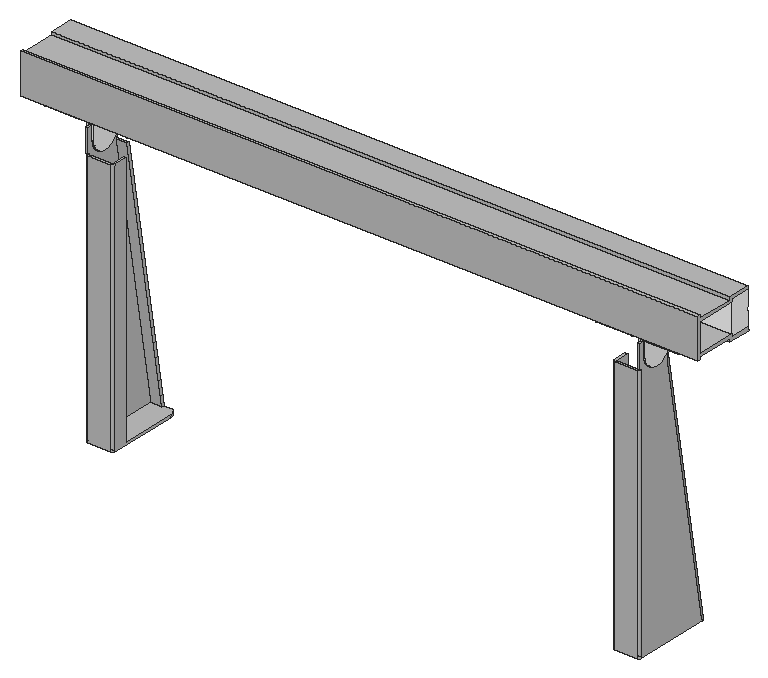
Revit family "4070751+4070746+4070772 Feilo Sylvania Lighting Fixture CURSUS 591MM 414LM OVAL LED 3K with CONTINUOUS WALL HOUSING with 250MM WALL BRACKET", category Lighting Fixtures, host Face, Revit 2017
Family settings
  Host = Face
  Round Connector Dimension = Use Diameter
  Part Type = Normal
  OmniClass Number = 23.80.70.14
  OmniClass Title = Luminaries for External Lighting
  Cut with Voids When Loaded = Yes
  Light Source = No
  Shared = No
  Room Calculation Point = No
Parameters (values of type "4070751 CURSUS 591MM 414LM OVAL LED 3K")
  Weight = "1.2 kg"
  Wattage Comments = "n/a"
  WarrantyStartDate [instance] = "n/a"
  WarrantyGuarantorParts = "n/a"
  WarrantyDurationUnit = "n/a"
  WarrantyDurationParts = "n/a"
  WarrantyDescription = "n/a"
  Voltage = 24 V
  URL = "http://www.sylvania-lighting.com"
  TypeName = "CURSUS 591MM 414LM OVAL LED 3K"
  TypeFixture_FEILO = CURSUS with CONTINUOUS WALL HOUSING : CURSUS 591MM 414LM OVAL LED 3K
  Type Image = <None>
  Type Comments = "n/a"
  TiltAngle [instance] = 0.00°
  StartAngle [instance] = TiltAngle + 270.00°  # 270.00°
  SerialNumber [instance] = "n/a"
  ReflectorMaterial = none
  PowerFactor = 0
  PowerConsumption = "9 W"
  NominalLength = 591 mm
  NominalHeight = 50 mm
  NominalDepth = 30 mm
  Name = "CURSUS 591MM 414LM OVAL LED 3K"
  ModelReference = Name  # "CURSUS 591MM 414LM OVAL LED 3K"
  ModelNumber = "4070751"
  Model = Name  # "CURSUS 591MM 414LM OVAL LED 3K"
  Material = "natural anodised extruded aluminium structure housing, optical system with pmma lenses diffuser"
  ManufacturerName = "Feilo Sylvania"
  Manufacturer = "Feilo Sylvania"
  LuminousEfficacy = "46 lm/W"
  LuminaireType = ""
  LightOutputRatio = "100"
  LampsType = Lamp  # "LED"
  LampNominalLuminous = "414 lm"
  LampMacAdamStep = "n/a"
  LampColourTemperature = "3000 K"
  LampColourRenderingIndex = "80"
  Lamp = "LED"
  Keynote = "16500"
  InstallationDate [instance] = "n/a"
  InputVoltage = "24V DC"
  InputNominalFrequency = "n/a"
  IngressProtection = "IP67"
  ImpactProtectionIndex = "IK07"
  IfcExportType = "IfcLightFixtureType"
  IfcExportAs = "IfcLightFixtureType"
  ExpectedLife = 50000
  EndAngle [instance] = StartAngle - 180.00°  # 90.00°
  ElectricShockClassification = "Class III"
  DurationUnit = "hours"
  DocumentationLiterature = "http://www.sylvania-lighting.com/product/en-int/products/4070751"
  DimmingControlOptions = "n/a"
  DiffuserMaterial = Diffuser-Sylvania-Glow
  Description = "LED Exterior Lighting Recessed Surface Mounted Linear Fixture, Natural anodised extruded aluminium structure. Die-cast aluminium end caps. Installation kit with harmonic steel springs., 414 lm, 9W, 46lm/W, 3000K, CRI80+,non dimmable,IP67, IK07, (HxWxD) 591x50x30mm, 3 step Mac Adam Ellipse, 1.2kg,, Classe III, 21-25V-DC, energy class : A++, A+, A"
  Default Elevation = 1219.2 mm
  CreatedOn = "1/8/2018"
  CreatedBy = ""
  Cost = 0
  built-in parameter 1114216 [instance] = (empty or 0)
  ClassificationValue = "EF_70_80"
  ClassificationName = "Uniclass2015"
  BracketWidth = 24 mm
  BracketThickness = 2 mm
  BracketHeightEnd = 32 mm
  BracketHeight = 70 mm
  BracketFlange = BracketHeight / 5  # 14 mm
  BracketExtension = 250 mm
  BracketEndReduction = 25 mm
  BracketC = 22 mm  # constant formula
  BracketDistance = 460 mm
  BracketD = BracketHeightEnd - (BracketC * (BracketHeight - BracketHeightEnd) / (BracketExtension - BracketEndReduction))  # 28.284 mm
  BodyMaterial = Body-Sylvania-Gray
  BarCode [instance] = "n/a"
  AssetType = "Fixed"
  AssetIdentifier [instance] = "n/a"
  Assembly Code = "D5020200"
  Apparent Load = 9 VA
  AccessoryMaterial = Diffuser-Sylvania-Glow
Reference planes
  plane 1 "Center (Front/Back)": y = 0
  plane 2: z = 0
  plane 3 "Center (Left/Right)": x = 0
  plane 4: x = -242
  plane 5: x = 242
  plane 6: y = 70
  plane 7: x = -218
  plane 8: x = 218
  plane 9: z = 250
  plane 10: z = 236
  plane 11: z = 2
  plane 12: z = 225
  plane 13: x = -240
  plane 14: y = 68
  plane 15: y = 2
  plane 16: x = -220
  plane 17: x = 220
  plane 18: x = 240
  plane 19: x = -230
  plane 20: x = 230
  plane 21: y = 14
  plane 22: y = 32
  plane 23: y = 30
  plane 24: z = 247
  plane 25: y = 28.284
  plane 26: y = 16
Forms (mm)
  Blend 1, solid, material "Body-Sylvania-Gray" <- "BodyMaterial"
    base sketch origin (1223.4, -4572, 2) x (0, -1, 0) y (1, 0, 0)
      loop
        line (-4640, -1453.4) -> (-4642, -1453.4) -> (-4642, -1463.4)
        arc (-4642, -1463.4) -> (-4641.414, -1464.814) -> (-4640, -1465.4) r 2
        line (-4640, -1465.4) -> (-4574, -1465.4)
        arc (-4574, -1465.4) -> (-4572.586, -1464.814) -> (-4572, -1463.4) r 2
        line (-4572, -1463.4) -> (-4572, -1443.4)
        arc (-4572, -1443.4) -> (-4572.586, -1441.986) -> (-4574, -1441.4) r 2
        line (-4574, -1441.4) -> (-4586, -1441.4) -> (-4586, -1443.4) -> (-4574, -1443.4) -> (-4574, -1463.4) -> (-4640, -1463.4) -> (-4640, -1453.4)
    top sketch origin (1223.4, -4572, 2) x (0, -1, 0) y (1, 0, 0)
      loop
        line (-4586, -1443.4) -> (-4574, -1443.4) -> (-4574, -1463.4) -> (-4602, -1463.4) -> (-4602, -1453.4) -> (-4604, -1453.4) -> (-4604, -1463.4)
        arc (-4604, -1463.4) -> (-4603.52, -1464.71) -> (-4602.309, -1465.4) r 2.028
        line (-4602.309, -1465.4) -> (-4574, -1465.4)
        arc (-4574, -1465.4) -> (-4572.586, -1464.814) -> (-4572, -1463.4) r 2
        line (-4572, -1463.4) -> (-4572, -1443.4)
        arc (-4572, -1443.4) -> (-4572.586, -1441.986) -> (-4574, -1441.4) r 2
        line (-4574, -1441.4) -> (-4586, -1441.4) -> (-4586, -1443.4)
    from 0 to 223
  Extrusion 2, solid, material "Body-Sylvania-Gray" <- "BodyMaterial"
    sketch origin (0, 0, 0) x (1, 0, 0) y (0, 1, 0)
      loop
        arc (-240, 70) -> (-241.414, 69.414) -> (-242, 68) r 2
        line (-242, 68) -> (-242, 2)
        arc (-242, 2) -> (-241.414, 0.586) -> (-240, 0) r 2
        line (-240, 0) -> (-220, 0)
        arc (-220, 0) -> (-218.586, 0.586) -> (-218, 2) r 2
        line (-218, 2) -> (-218, 62.5)
        arc (-218, 62.5) -> (-220.197, 67.803) -> (-225.5, 70) r 7.5
        line (-225.5, 70) -> (-240, 70)
      loop
        line (240, 70) -> (225.5, 70)
        arc (225.5, 70) -> (220.197, 67.803) -> (218, 62.5) r 7.5
        line (218, 62.5) -> (218, 2)
        arc (218, 2) -> (218.586, 0.586) -> (220, 0) r 2
        line (220, 0) -> (240, 0)
        arc (240, 0) -> (241.414, 0.586) -> (242, 2) r 2
        line (242, 2) -> (242, 68)
        arc (242, 68) -> (241.414, 69.414) -> (240, 70) r 2
    from 0 to 2
  Blend 3, solid, material "Body-Sylvania-Gray" <- "BodyMaterial"
    base sketch origin (1223.4, -4572, 2) x (0, -1, 0) y (1, 0, 0)
      loop
        line (-4640, -983.4) -> (-4574, -983.4) -> (-4574, -1003.4) -> (-4586, -1003.4) -> (-4586, -1005.4) -> (-4574, -1005.4)
        arc (-4574, -1005.4) -> (-4572.586, -1004.814) -> (-4572, -1003.4) r 2
        line (-4572, -1003.4) -> (-4572, -983.4)
        arc (-4572, -983.4) -> (-4572.586, -981.986) -> (-4574, -981.4) r 2
        line (-4574, -981.4) -> (-4640, -981.4)
        arc (-4640, -981.4) -> (-4641.414, -981.986) -> (-4642, -983.4) r 2
        line (-4642, -983.4) -> (-4642, -993.4) -> (-4640, -993.4) -> (-4640, -983.4)
    top sketch origin (1223.4, -4572, 2) x (0, -1, 0) y (1, 0, 0)
      loop
        line (-4602, -993.4) -> (-4602, -983.4) -> (-4574, -983.4) -> (-4574, -1003.4) -> (-4586, -1003.4) -> (-4586, -1005.4) -> (-4574, -1005.4)
        arc (-4574, -1005.4) -> (-4572.586, -1004.814) -> (-4572, -1003.4) r 2
        line (-4572, -1003.4) -> (-4572, -983.4)
        arc (-4572, -983.4) -> (-4572.586, -981.986) -> (-4574, -981.4) r 2
        line (-4574, -981.4) -> (-4602, -981.4)
        arc (-4602, -981.4) -> (-4603.414, -981.986) -> (-4604, -983.4) r 2
        line (-4604, -983.4) -> (-4604, -993.4) -> (-4602, -993.4)
    from 0 to 223
  Blend 4, solid, material "Body-Sylvania-Gray" <- "BodyMaterial"
    base sketch origin (1223.4, -4572, 225) x (0, -1, 0) y (1, 0, 0)
      loop
        line (-4604, -1465.4) -> (-4572, -1465.4) -> (-4572, -1463.4) -> (-4604, -1463.4) -> (-4604, -1465.4)
    top sketch origin (1223.4, -4572, 225) x (0, -1, 0) y (1, 0, 0)
      loop
        line (-4572, -1465.4) -> (-4572, -1463.4) -> (-4600.284, -1463.4) -> (-4600.284, -1465.4) -> (-4572, -1465.4)
    from 0 to 22
  Blend 5, solid, material "Body-Sylvania-Gray" <- "BodyMaterial"
    base sketch origin (1223.4, -4572, 225) x (0, -1, 0) y (1, 0, 0)
      loop
        line (-4604, -983.4) -> (-4572, -983.4) -> (-4572, -981.4) -> (-4604, -981.4) -> (-4604, -983.4)
    top sketch origin (1223.4, -4572, 225) x (0, -1, 0) y (1, 0, 0)
      loop
        line (-4572, -981.4) -> (-4600.284, -981.4) -> (-4600.284, -983.4) -> (-4572, -983.4) -> (-4572, -981.4)
    from 0 to 22
  Extrusion 6, void
    sketch origin (0, 0, 0) x (0, 1, 0) y (0, 0, 1)
      loop
        line (0, 225) -> (2, 225) -> (2, 226.5) -> (0, 226.5) -> (0, 225)
      loop
        line (32, 225) -> (32, 226.5) -> (30, 226.5) -> (30, 225) -> (32, 225)
    from -242 to 242
  Revolve 7, solid, not visible
    sketch origin (1524, 16, 1219.2) x (1, 0, 0) y (0, 0, 1)
      loop
        line (-1524, -972.2) -> (-1524, -983.2) -> (-1294, -983.2) -> (-1294, -972.2) -> (-1524, -972.2)
      axis (-1294, -983.2) -> (-1524, -983.2)
    angle from 270 <- "StartAngle" to 90 <- "EndAngle"
Cuts and joins
  Extrusion 6 cuts Blend 4
  Extrusion 6 cuts Blend 5
  joined: Blend 1, Extrusion 2, Blend 3, Blend 4, Blend 5
Lines and regions (mm)
  reference lines, not visible
    curve 1: line (-218, 16, 236) -> (218, 16, 236)
Dimensions and locks
  equal spacing: plane 4, plane 3 "Center (Left/Right)", plane 5
  "BracketDistance": plane 19 to plane 20
  "BracketHeight": plane 1 "Center (Front/Back)" to plane 6
  equal spacing: plane 7, plane 3 "Center (Left/Right)", plane 8
  "BracketWidth": plane 4 to plane 7
  "BracketExtension": plane 9 to plane 2
  "BracketThickness": plane 11 to plane 2
  "BracketEndReduction": plane 9 to plane 12
  equal spacing: plane 13, plane 3 "Center (Left/Right)", plane 18
  equal spacing: plane 16, plane 3 "Center (Left/Right)", plane 17
  "BracketThickness": plane 4 to plane 13
  "BracketThickness": plane 16 to plane 7
  "BracketThickness": plane 14 to plane 6
  "BracketThickness": plane 1 "Center (Front/Back)" to plane 15
  equal spacing: plane 4, plane 19, plane 7
  equal spacing: plane 8, plane 20, plane 5
  "BracketFlange": plane 1 "Center (Front/Back)" to plane 21
  "BracketHeightEnd": plane 1 "Center (Front/Back)" to plane 22
  "BracketThickness": plane 23 to plane 22
  locked: Extrusion 2 sketch curve to plane 7 at 7.5
  locked: Extrusion 2 sketch curve to plane 6 at 7.5  (x2)
  locked: plane 8 to Extrusion 2 sketch curve at 7.5
  "BracketC": plane 24 to plane 12
  "BracketD": plane 1 "Center (Front/Back)" to plane 25
  locked: plane 12 to Extrusion 6 sketch curve at 1.5
  equal spacing: plane 24, plane 10, plane 12
  equal spacing: plane 1 "Center (Front/Back)", plane 26, plane 22
  aligned and locked: plane 2 to host face
  aligned and locked: level to host face
  aligned and locked: plane 4 to Blend 1 sketch curve  (x2)
  aligned and locked: plane 13 to Blend 1 sketch curve  (x3)
  aligned and locked: Blend 1 sketch curve to plane 15
  aligned and locked: Blend 1 sketch curve to plane 16
  aligned and locked: Blend 1 sketch curve to plane 21
  aligned and locked: plane 7 to Blend 1 sketch curve
  aligned and locked: plane 16 to Blend 1 sketch curve
  aligned and locked: plane 1 "Center (Front/Back)" to Blend 1 sketch curve
  aligned and locked: plane 14 to Blend 1 sketch curve
  aligned and locked: Blend 1 sketch curve to var sketch  (x6)
  aligned and locked: Blend 1 sketch curve to plane 19
  aligned and locked: Blend 1 sketch curve to plane 22
  aligned and locked: plane 23 to Blend 1 sketch curve
  aligned and locked: plane 11 to Blend 1
  aligned and locked: Extrusion 2 sketch curve to Blend 1  (x3)
  aligned and locked: Extrusion 2 to level
  aligned and locked: Extrusion 2 to plane 11
  aligned and locked: Extrusion 2 sketch curve to plane 7
  aligned and locked: plane 18 to Blend 3 sketch curve  (x4)
  aligned and locked: plane 14 to Blend 3 sketch curve  (x2)
  aligned and locked: Blend 3 sketch curve to plane 20
  aligned and locked: Blend 3 sketch curve to plane 6
  aligned and locked: plane 5 to Blend 3 sketch curve
  aligned and locked: plane 1 "Center (Front/Back)" to Blend 3 sketch curve
  aligned and locked: plane 15 to Blend 3 sketch curve  (x2)
  aligned and locked: Blend 3 sketch curve to plane 8
  aligned and locked: Blend 3 sketch curve to plane 21
  aligned and locked: plane 17 to Blend 3 sketch curve
  aligned and locked: Blend 3 sketch curve to plane 18
  aligned and locked: plane 20 to Blend 3 sketch curve  (x2)
  aligned and locked: Blend 3 sketch curve to plane 23
  aligned and locked: Blend 3 sketch curve to var sketch  (x8)
  aligned and locked: var sketch to Blend 3 sketch curve
  aligned and locked: plane 22 to Blend 3 sketch curve
  aligned and locked: plane 11 to Blend 3
  aligned and locked: Extrusion 2 sketch curve to Blend 3  (x4)
  aligned and locked: Blend 1 to plane 12
  aligned and locked: Blend 3 to plane 12
  aligned and locked: Blend 4 sketch curve to plane 22
  aligned and locked: Blend 4 sketch curve to cut or joined group of Blend 1, Extrusion 2, Blend 3, Blend 4, Blend 5, Extrusion 6  (x2)
  aligned and locked: cut or joined group of Blend 1, Extrusion 2, Blend 3, Blend 4, Blend 5, Extrusion 6 to Blend 4 sketch curve
  aligned and locked: Blend 4 sketch curve to var sketch  (x2)
  aligned and locked: Blend 4 sketch curve to plane 13
  aligned and locked: Blend 4 to plane 24
  aligned and locked: Blend 4 sketch curve to plane 25
  aligned and locked: Blend 5 sketch curve to plane 18  (x2)
  aligned and locked: plane 1 "Center (Front/Back)" to Blend 5 sketch curve
  aligned and locked: plane 5 to Blend 5 sketch curve
  aligned and locked: plane 22 to Blend 5 sketch curve
  aligned and locked: Blend 5 sketch curve to var sketch
  aligned and locked: var sketch to Blend 5 sketch curve
  aligned and locked: Blend 5 sketch curve to plane 25
  aligned and locked: Blend 5 to plane 24
  aligned and locked: plane 12 to Blend 5
  aligned and locked: Extrusion 6 sketch curve to cut or joined group of Blend 1, Extrusion 2, Blend 3, Blend 4, Blend 5, Extrusion 6  (x2)
  aligned and locked: Extrusion 6 sketch curve to Extrusion 6 sketch curve
  aligned and locked: Extrusion 6 sketch curve to plane 15
  aligned and locked: plane 5 to Extrusion 6
  aligned and locked: Extrusion 6 to plane 4
  aligned and locked: Extrusion 6 sketch curve to plane 23
  aligned and locked: Revolve 7 sketch curve to plane 10  (x2)
  aligned and locked: plane 24 to Revolve 7 sketch curve
  aligned and locked: plane 3 "Center (Left/Right)" to Revolve 7 sketch curve
  aligned and locked: Revolve 7 sketch curve to plane 20
  aligned and locked: plane 7 to curve 1
  aligned and locked: plane 10 to curve 1
  aligned and locked: nested 1 to plane 5
  aligned and locked: nested 2 to plane 4
  aligned and locked: nested 1 to curve 1
  aligned and locked: nested 2 to curve 1
  aligned and locked: nested 3 to plane 3 "Center (Left/Right)"
  aligned and locked: nested 1 to nested 3
Automatic sketch dimensions
  host sketch curve to host sketch curve = 2438.4 mm  (x2)
  Blend 1 sketch curve to plane 13 = 0 mm
  plane 15 to Blend 1 sketch curve = 0 mm  (x3)
  Blend 1 sketch curve to plane 23 = 0.309 mm
  plane 6 to Blend 1 sketch curve = 0 mm
  plane 14 to Blend 1 sketch curve = 0 mm
  Blend 1 sketch curve to plane 19 = 0 mm
  Blend 3 sketch curve to plane 17 = 0 mm
  Extrusion 6 sketch curve to plane 1 "Center (Front/Back)" = 0 mm
  plane 12 to Extrusion 6 sketch curve = 0 mm
  Revolve 7 sketch curve to plane 4 = 1153 mm
  plane 5 to Revolve 7 sketch curve = 1161.4 mm
  curve 1 to plane 8 = 0 mm
Nested families
  nested 1: "MountingPlate" at (241, 16, 236) x (-1, 0, 0) z (0, 0, 1), type "MountingPlate"
  nested 2: "MountingPlate" at (-241, 16, 236) x (-1, 0, 0) z (0, 0, 1), type "MountingPlate"
  nested 3: "CURSUS with CONTINUOUS WALL HOUSING" at (0, -4, 254) x (-1, 0, 0) z (0, 0, 1), type <- "TypeFixture_FEILO", type "CURSUS 591MM 414LM OVAL LED 3K"
    with WarrantyStartDate "n/a", SerialNumber "n/a", InstallationDate "n/a", EndCapRight no, EndCapLeft no, built-in parameter 1114216 (empty or 0), BarCode "n/a", AssetIdentifier "n/a"
Connectors
  electrical at (0, 0, 0), driven by "Voltage", driven by "Apparent Load", driven by "PowerFactor"
    settings: index 1, voltage 24 V, apparent load 9 VA, apparent load phase1 0 VA, apparent load phase2 0 VA, apparent load phase3 0 VA, power factor 0, load classification "Other", number of poles 1, system type 30, power factor state 1, is connector primary yes, connector utility no, sub classification motor no, connector description ""
Definition of nested family "MountingPlate"
  Parameters (values of type "MountingPlate")
    URL = "http://www.feilosylvania.com"
    Type Comments = "n/a"
    ReflectorMaterial = none
    MountingPlateWidth = 76 mm
    MountingPlateThickness = 2 mm
    MountingPlateRadiusBack = 12 mm
    MountingPlateRadius = 3 mm
    MountingPlateHeight = 35 mm
    Model = "n/a"
    Manufacturer = "Feilo Sylvania"
    Keynote = "n/a"
    DiffuserMaterial = none
    Description = "n/a"
    Default Elevation = 1219.2 mm
    Cost = 0
    BodyMaterial = none
    Assembly Code = "n/a"
    AccessoryMaterial = none
  Reference planes
    plane 1 "Center (Front/Back)": y = 0
    plane 2: z = 0
    plane 3 "Center (Left/Right)": x = 0
    plane 4: x = -38
    plane 5: x = 38
    plane 6: y = 17.5
    plane 7: y = -17.5
    plane 8: x = -3
    plane 9: x = 3
    plane 10: z = 18
    plane 11: z = 16
    plane 12: y = 12.5
    plane 13: y = -12.5
    plane 14: x = -1
    plane 15: x = 1
    plane 16: z = -12.5
    plane 17: z = -14.5
  Forms (mm)
    Extrusion 1, solid
      sketch origin (1.653, 0, 0) x (1, 0, 0) y (0, 1, 0)
        loop
          line (-1219.2, 1219.2) -> (-1219.2, -1219.2) -> (1219.2, -1219.2) -> (1219.2, 1219.2) -> (-1219.2, 1219.2)
      from 0 to -304.8
    Extrusion 2, solid, material <- "BodyMaterial"
      sketch origin (1218.4, -4572, 16) x (0, -1, 0) y (-1, 0, 0)
        loop
          line (-4589.5, 1253.4) -> (-4589.5, 1224.4)
          arc (-4589.5, 1224.4) -> (-4588.621, 1222.279) -> (-4586.5, 1221.4) r 3
          line (-4586.5, 1221.4) -> (-4557.5, 1221.4)
          arc (-4557.5, 1221.4) -> (-4555.379, 1222.279) -> (-4554.5, 1224.4) r 3
          line (-4554.5, 1224.4) -> (-4554.5, 1253.4)
          arc (-4554.5, 1253.4) -> (-4555.379, 1255.521) -> (-4557.5, 1256.4) r 3
          line (-4557.5, 1256.4) -> (-4586.5, 1256.4)
          arc (-4586.5, 1256.4) -> (-4588.621, 1255.521) -> (-4589.5, 1253.4) r 3
        loop
          arc (-4589.5, 1183.4) -> (-4588.621, 1181.279) -> (-4586.5, 1180.4) r 3
          line (-4586.5, 1180.4) -> (-4557.5, 1180.4)
          arc (-4557.5, 1180.4) -> (-4555.379, 1181.279) -> (-4554.5, 1183.4) r 3
          line (-4554.5, 1183.4) -> (-4554.5, 1212.4)
          arc (-4554.5, 1212.4) -> (-4555.379, 1214.521) -> (-4557.5, 1215.4) r 3
          line (-4557.5, 1215.4) -> (-4586.5, 1215.4)
          arc (-4586.5, 1215.4) -> (-4588.621, 1214.521) -> (-4589.5, 1212.4) r 3
          line (-4589.5, 1212.4) -> (-4589.5, 1183.4)
      from 0 to -2
    Extrusion 3, solid, material <- "BodyMaterial"
      sketch origin (0, 0, 0) x (1, 0, 0) y (0, 0, 1)
        loop
          line (-3, 18) -> (-3, -12.5) -> (-1, -12.5) -> (-1, 16)
          arc (-1, 16) -> (-1.586, 17.414) -> (-3, 18) r 2
        loop
          line (3, -12.5) -> (3, 18)
          arc (3, 18) -> (1.586, 17.414) -> (1, 16) r 2
          line (1, 16) -> (1, -12.5) -> (3, -12.5)
      from -12.5 to 12.5
    Extrusion 4, void
      sketch origin (0, 0, 0) x (0, 1, 0) y (0, 0, 1)
        loop
          line (-12.5, -0.5) -> (-17.5, -0.5) -> (-17.5, -14.5) -> (-0.5, -14.5) -> (-0.5, -12.5)
          arc (-0.5, -12.5) -> (-8.985, -8.985) -> (-12.5, -0.5) r 12
        loop
          line (0.5, -12.5) -> (0.5, -14.5) -> (17.5, -14.5) -> (17.5, -0.5) -> (12.5, -0.5)
          arc (12.5, -0.5) -> (8.985, -8.985) -> (0.5, -12.5) r 12
      from -3 to 3
  Cuts and joins
    Extrusion 4 cuts Extrusion 2
    Extrusion 4 cuts Extrusion 3
    joined: Extrusion 2, Extrusion 3
  Lines and regions (mm)
    reference lines
      curve 1: line (-38, 0, 0) -> (38, 0, 0)
  Dimensions and locks
    equal spacing: plane 4, plane 3 "Center (Left/Right)", plane 5
    "MountingPlateWidth": plane 4 to plane 5
    equal spacing: plane 7, plane 1 "Center (Front/Back)", plane 6
    "MountingPlateHeight": plane 7 to plane 6
    equal spacing: plane 8, plane 3 "Center (Left/Right)", plane 9
    "MountingPlateHeight": plane 4 to plane 8
    locked: plane 10 to plane 2 at 18
    "MountingPlateThickness": plane 10 to plane 11
    equal spacing: plane 13, plane 1 "Center (Front/Back)", plane 12
    locked: plane 13 to plane 12 at 25
    "MountingPlateRadius": plane 4 to Extrusion 2 sketch curve  (x2)
    "MountingPlateRadius": Extrusion 2 sketch curve to plane 6  (x4)
    "MountingPlateRadius": Extrusion 2 sketch curve to plane 8  (x2)
    "MountingPlateRadius": plane 7 to Extrusion 2 sketch curve  (x4)
    "MountingPlateRadius": plane 9 to Extrusion 2 sketch curve  (x2)
    "MountingPlateRadius": Extrusion 2 sketch curve to plane 5  (x2)
    equal spacing: plane 15, plane 3 "Center (Left/Right)", plane 14
    "MountingPlateThickness": plane 14 to plane 8
    locked: plane 2 to plane 16 at 12.5
    locked: plane 17 to plane 16 at 2
    "MountingPlateRadiusBack": plane 13 to Extrusion 4 sketch curve
    "MountingPlateRadiusBack": plane 16 to Extrusion 4 sketch curve  (x2)
    "MountingPlateRadiusBack": Extrusion 4 sketch curve to plane 12
    aligned and locked: plane 2 to Extrusion 1
    aligned and locked: level to Extrusion 1
    aligned and locked: Extrusion 2 sketch curve to plane 6
    aligned and locked: Extrusion 2 sketch curve to plane 4
    aligned and locked: plane 7 to Extrusion 2 sketch curve
    aligned and locked: plane 8 to Extrusion 2 sketch curve
    aligned and locked: plane 6 to Extrusion 2 sketch curve
    aligned and locked: Extrusion 2 sketch curve to plane 5
    aligned and locked: Extrusion 2 sketch curve to plane 7
    aligned and locked: plane 9 to Extrusion 2 sketch curve
    aligned and locked: Extrusion 2 to plane 10
    aligned and locked: plane 11 to Extrusion 2
    aligned and locked: Extrusion 3 sketch curve to Extrusion 2  (x2)
    aligned and locked: plane 16 to Extrusion 3 sketch curve  (x2)
    aligned and locked: plane 14 to Extrusion 3 sketch curve
    aligned and locked: plane 9 to Extrusion 3 sketch curve
    aligned and locked: plane 15 to Extrusion 3 sketch curve
    aligned and locked: Extrusion 3 to plane 12
    aligned and locked: plane 13 to Extrusion 3
    aligned and locked: plane 17 to Extrusion 4 sketch curve  (x2)
    aligned and locked: Extrusion 4 sketch curve to plane 7
    aligned and locked: Extrusion 4 sketch curve to plane 6
    aligned and locked: plane 9 to Extrusion 4
    aligned and locked: Extrusion 4 to plane 8
    aligned and locked: plane 4 to curve 1
    aligned and locked: curve 1 to level
  Automatic sketch dimensions
    Extrusion 1 sketch curve to Extrusion 1 sketch curve = 2438.4 mm  (x2)
    Extrusion 3 sketch curve to plane 11 = 0 mm
    curve 1 to plane 5 = 0 mm
    Extrusion 4 sketch curve to plane 13 = 0 mm
    Extrusion 4 sketch curve to plane 12 = 0 mm
Definition of nested family "CURSUS with CONTINUOUS WALL HOUSING"
  Parameters (values of type "CURSUS 1161MM 827LM OVAL LED 3K")
    Width_FEILO = 35 mm
    Weight = "2.2 kg"
    Wattage Comments = "n/a"
    Wattage = 18 W
    WarrantyStartDate [instance] = "n/a"
    WarrantyGuarantorParts = "n/a"
    WarrantyDurationUnit = "n/a"
    WarrantyDurationParts = "n/a"
    WarrantyDescription = "n/a"
    WallThickness_FEILO = 2.5 mm
    built-in parameter 1150110 = 1 (stored number, unit not read)
    Voltage = 24 V
    URL = "http://www.feilosylvania.com"
    TypeName = "CURSUS 1161MM 827LM OVAL LED 3K"
    Type Image = (empty or 0)
    Type Comments = "n/a"
    built-in parameter 1114217 = 1 (stored number, unit not read)
    Tilt Angle = -90.00°
    built-in parameter 1150109 = 1 (stored number, unit not read)
    built-in parameter 1150134 = (empty or 0)
    built-in parameter 1150113 = 1 (stored number, unit not read)
    SerialNumber [instance] = "n/a"
    ReflectorMaterial = none
    PowerFactor = 0
    PowerConsumption = "18 W"
    Photometric Web File = "4070765.ies"
    NominalLength = 1161 mm
    NominalHeight = 50 mm
    NominalDepth = 30 mm
    Name = "CURSUS 1161MM 827LM OVAL LED 3K"
    ModelReference = Name  # "CURSUS 1161MM 827LM OVAL LED 3K"
    ModelNumber = ""
    Model = Name  # "CURSUS 1161MM 827LM OVAL LED 3K"
    Material = "natural anodised extruded aluminium structure housing, optical system with pmma lenses diffuser"
    ManufacturerName = "Feilo Sylvania"
    Manufacturer = "Feilo Sylvania"
    LuminousEfficacy = "45.94 lm/W"
    built-in parameter 1150105 = 65.811 (stored number, unit not read)
    Lumens = 827 lm
    LuminaireType = ""
    built-in parameter 1150115 = 1 (stored number, unit not read)
    LightOutputRatio = "100"
    built-in parameter 1150137 = (empty or 0)
    built-in parameter 1150139 = (empty or 0)
    Length_FEILO = 1167 mm
    LampsType = Lamp  # "LED"
    LampNominalLuminous = "827 lm"
    LampMacAdamStep = "n/a"
    LampColourTemperature = "3000 K"
    LampColourRenderingIndex = "80"
    built-in parameter 1150112 = 1 (stored number, unit not read)
    built-in parameter 1150114 = 1 (stored number, unit not read)
    Lamp = "LED"
    Keynote = "16500"
    InstallationDate [instance] = "n/a"
    InputVoltage = "24V DC"
    InputNominalFrequency = "n/a"
    built-in parameter 1150132 = (empty or 0)
    built-in parameter 1150102 = (empty or 0)
    built-in parameter 1150107 = 3000 (stored number, unit not read)
    built-in parameter 1150138 = (empty or 0)
    IngressProtection = "IP67"
    ImpactProtectionIndex = "IK07"
    built-in parameter 1150106 = 0.65811 (stored number, unit not read)
    IfcExportType = "IfcLightFixtureType"
    IfcExportAs = "IfcLightFixtureType"
    ExpectedLife = 50000
    EndCapRight [instance] = no
    EndCapLeft [instance] = no
    Emit from Rectangle Width = Width_FEILO - WallThickness_FEILO * 2  # 30 mm
    Emit from Rectangle Length = Length_FEILO - WallThickness_FEILO * 2  # 1162 mm
    Emit Shape Visible in Rendering = no
    ElectricShockClassification = "Class III"
    built-in parameter 1150104 = 4.2684 (stored number, unit not read)
    DurationUnit = "hours"
    DocumentationLiterature = "http://www.feilosylvania.com/product/en-int/products/4070765"
    DimmingControlOptions = "n/a"
    Dimming Lamp Color Temperature Shift = (empty or 0)
    DiffuserMaterial = none
    Description = "LED Exterior Lighting Recessed Surface Mounted Linear Fixture, Natural anodised extruded aluminium structure. Die-cast aluminium end caps. Installation kit with harmonic steel springs., 827 lm, 18W, 45lm/W, 3000K, CRI80+,non dimmable,IP67, IK07, (HxWxD) 1161x50x30mm, 3 step Mac Adam Ellipse, 2.2kg,, Classe III, 21-25V-DC, energy class : A++, A+, A"
    Default Elevation = 1219.2 mm
    CreatedOn = "1/8/2018"
    CreatedBy = "aron.fodor@feilosylvania.com"
    Cost = 0
    Color Filter = 16777215
    built-in parameter 1114216 [instance] = (empty or 0)
    ClassificationValue = "EF_70_80"
    ClassificationName = "Uniclass2015"
    BodyMaterial = none
    BarCode [instance] = "n/a"
    built-in parameter 1114218 = 1 (stored number, unit not read)
    built-in parameter 1150133 = 10 (stored number, unit not read)
    AssetType = "Fixed"
    AssetIdentifier [instance] = "n/a"
    Assembly Code = "D5020200"
    Apparent Load = 18 VA
    AccessoryMaterial = none
  Types (16, lengths in mm): name | Weight | Wattage | Voltage | TypeName | built-in parameter 1150134 | PowerConsumption | Photometric Web File | NominalLength | Name | ModelReference | Model | Material | LuminousEfficacy | built-in parameter 1150105 | Lumens | Length_FEILO | LampNominalLuminous | LampColourTemperature | InputVoltage | InputNominalFrequency | built-in parameter 1150107 | built-in parameter 1150106 | Emit from Rectangle Length | built-in parameter 1150104 | DocumentationLiterature | Description | Apparent Load
    CURSUS 1161MM 827LM OVAL LED 3K | "2.2 kg" | 18 W | 24 V | "CURSUS 1161MM 827LM OVAL LED 3K" | (empty or 0) | "18 W" | "4070765.ies" | 1161 | "CURSUS 1161MM 827LM OVAL LED 3K" | "CURSUS 1161MM 827LM OVAL LED 3K" | "CURSUS 1161MM 827LM OVAL LED 3K" | "natural anodised extruded aluminium structure housing, optical system with pmma lenses diffuser" | "45.94 lm/W" | 65.811 (stored number, unit not read) | 827 lm | 1167 | "827 lm" | "3000 K" | "24V DC" | "n/a" | 3000 (stored number, unit not read) | 0.65811 (stored number, unit not read) | 1162 | 4.2684 (stored number, unit not read) | "http://www.feilosylvania.com/product/en-int/products/4070765" | "LED Exterior Lighting Recessed Surface Mounted Linear Fixture, Natural anodised extruded aluminium structure. Die-cast aluminium end caps. Installation kit with harmonic steel springs., 827 lm, 18W, 45lm/W, 3000K, CRI80+,non dimmable,IP67, IK07, (HxWxD) 1161x50x30mm, 3 step Mac Adam Ellipse, 2.2kg,, Classe III, 21-25V-DC, energy class : A++, A+, A" | 18 VA
    CURSUS 1161MM 731LM WIDE LED 3K | "2.2 kg" | 18 W | 230 V | "CURSUS 1161MM 731LM WIDE LED 3K" | (empty or 0) | "18 W" | "4070764.ies" | 1161 | "CURSUS 1161MM 731LM WIDE LED 3K" | "CURSUS 1161MM 731LM WIDE LED 3K" | "CURSUS 1161MM 731LM WIDE LED 3K" | "natural anodised extruded aluminium structure housing" | "40.61 lm/W" | 58.171 (stored number, unit not read) | 731 lm | 1167 | "731 lm" | "3000 K" | "220-240V~" | "n/a" | 3000 (stored number, unit not read) | 0.58171 (stored number, unit not read) | 1162 | 3.7729 (stored number, unit not read) | "http://www.feilosylvania.com/product/en-int/products/4070764" | "LED Exterior Lighting Recessed Surface Mounted Linear Fixture, Natural anodised extruded aluminium structure. Die-cast aluminium end caps. Installation kit with harmonic steel springs., 731 lm, 18W, 40lm/W, 3000K, CRI80+,non dimmable,IP67, IK07, (HxWxD) 1161x50x30mm, 3 step Mac Adam Ellipse, 2.2kg,, Classe III, 21-25V-DC, energy class : A++, A+, A" | 18 VA
    CURSUS 1161MM 871LM OVAL LED 4K | "2.2 kg" | 18 W | 24 V | "CURSUS 1161MM 871LM OVAL LED 4K" | 12 | "18 W" | "4070763.ies" | 1161 | "CURSUS 1161MM 871LM OVAL LED 4K" | "CURSUS 1161MM 871LM OVAL LED 4K" | "CURSUS 1161MM 871LM OVAL LED 4K" | "natural anodised extruded aluminium structure housing, optical system with pmma lenses diffuser" | "48.38 lm/W" | 69.312 (stored number, unit not read) | 871 lm | 1167 | "871 lm" | "4000 K" | "24V DC" | "50/60 Hz" | 4000 (stored number, unit not read) | 0.69312 (stored number, unit not read) | 1162 | 4.4955 (stored number, unit not read) | "http://www.feilosylvania.com/product/en-int/products/4070763" | "LED Exterior Lighting Recessed Surface Mounted Linear Fixture, Natural anodised extruded aluminium structure. Die-cast aluminium end caps. Installation kit with harmonic steel springs., 871 lm, 18W,  48lm/W, 4000K, CRI80+,non dimmable,IP67, IK07, (HxWxD) 1161x50x30mm, 3 step Mac Adam Ellipse, 2.2kg,, Classe III, 21-25V-DC, energy class : A++, A+, A" | 18 VA
    CURSUS 1161MM 770LM WIDE LED 4K | "2.2 kg" | 18 W | 230 V | "CURSUS 1161MM 770LM WIDE LED 4K" | 12 | "18 W" | "4070762.ies" | 1161 | "CURSUS 1161MM 770LM WIDE LED 4K" | "CURSUS 1161MM 770LM WIDE LED 4K" | "CURSUS 1161MM 770LM WIDE LED 4K" | "natural anodised extruded aluminium structure housing" | "42.77 lm/W" | 61.275 (stored number, unit not read) | 770 lm | 1167 | "770 lm" | "4000 K" | "220-240V~" | "n/a" | 4000 (stored number, unit not read) | 0.61275 (stored number, unit not read) | 1162 | 3.9742 (stored number, unit not read) | "http://www.feilosylvania.com/product/en-int/products/4070762" | "LED Exterior Lighting Recessed Surface Mounted Linear Fixture, Natural anodised extruded aluminium structure. Die-cast aluminium end caps. Installation kit with harmonic steel springs., 770 lm, 18W,  42lm/W, 4000K, CRI80+,non dimmable,IP67, IK07, (HxWxD) 1161x50x30mm, 3 step Mac Adam Ellipse, 2.2kg,, Classe III, 21-25V-DC, energy class : A++, A+, A" | 18 VA
    CURSUS 876MM 620LM OVAL LED 3K | "1.7 kg" | 13.5 W | 24 V | "CURSUS 876MM 620LM OVAL LED 3K" | (empty or 0) | "13.5 W" | "4070758.ies" | 876 | "CURSUS 876MM 620LM OVAL LED 3K" | "CURSUS 876MM 620LM OVAL LED 3K" | "CURSUS 876MM 620LM OVAL LED 3K" | "natural anodised extruded aluminium structure housing, optical system with pmma lenses diffuser" | "45.92 lm/W" | 49.338 (stored number, unit not read) | 620 lm | 882 | "620 lm" | "3000 K" | "24V DC" | "50/60 Hz" | 3000 (stored number, unit not read) | 0.49338 (stored number, unit not read) | 877 | 4.2667 (stored number, unit not read) | "http://www.feilosylvania.com/product/en-int/products/4070758" | "LED Exterior Lighting Recessed Surface Mounted Linear Fixture, Natural anodised extruded aluminium structure. Die-cast aluminium end caps. Installation kit with harmonic steel springs., 620 lm, 13,5W, 45lm/W, 3000K, CRI80+,non dimmable,IP67, IK07, (HxWxD) 876x50x30mm, 3 step Mac Adam Ellipse, 1.7kg,, Classe III, 21-25V-DC, energy class : A++, A+, A" | 13.5 VA
    CURSUS 876MM 548LM WIDE LED 3K | "1.7 kg" | 13.5 W | 24 V | "CURSUS 876MM 548LM WIDE LED 3K" | (empty or 0) | "13.5 W" | "4070757.ies" | 876 | "CURSUS 876MM 548LM WIDE LED 3K" | "CURSUS 876MM 548LM WIDE LED 3K" | "CURSUS 876MM 548LM WIDE LED 3K" | "natural anodised extruded aluminium structure housing" | "40.59 lm/W" | 43.608 (stored number, unit not read) | 548 lm | 882 | "548 lm" | "3000 K" | "24V DC" | "n/a" | 3000 (stored number, unit not read) | 0.43608 (stored number, unit not read) | 877 | 3.7712 (stored number, unit not read) | "http://www.feilosylvania.com/product/en-int/products/4070757" | "LED Exterior Lighting Recessed Surface Mounted Linear Fixture, Natural anodised extruded aluminium structure. Die-cast aluminium end caps. Installation kit with harmonic steel springs., 548 lm, 13,5W, 40lm/W, 3000K, CRI80+,non dimmable,IP67, IK07, (HxWxD) 876x50x30mm, 3 step Mac Adam Ellipse, 1.7kg,, Classe III, 21-25V-DC, energy class : A++, A+, A" | 13.5 VA
    CURSUS 876MM 653LM OVAL LED 4K | "1.7 kg" | 13.5 W | 24 V | "CURSUS 876MM 653LM OVAL LED 4K" | 12 | "13.5 W" | "4070756.ies" | 876 | "CURSUS 876MM 653LM OVAL LED 4K" | "CURSUS 876MM 653LM OVAL LED 4K" | "CURSUS 876MM 653LM OVAL LED 4K" | "natural anodised extruded aluminium structure housing, optical system with pmma lenses diffuser" | "48.37 lm/W" | 51.964 (stored number, unit not read) | 653 lm | 882 | "653 lm" | "4000 K" | "24V DC" | "n/a" | 4000 (stored number, unit not read) | 0.51964 (stored number, unit not read) | 877 | 4.4938 (stored number, unit not read) | "http://www.feilosylvania.com/product/en-int/products/4070756" | "LED Exterior Lighting Recessed Surface Mounted Linear Fixture, Natural anodised extruded aluminium structure. Die-cast aluminium end caps. Installation kit with harmonic steel springs., 653 lm, 13,5W,  48lm/W, 4000K, CRI80+,non dimmable,IP67, IK07, (HxWxD) 876x50x30mm, 3 step Mac Adam Ellipse, 1.7kg,, Classe III, 21-25V-DC, energy class : A++, A+, A" | 13.5 VA
    CURSUS 876MM 577LM WIDE LED 4K | "1.7 kg" | 13.5 W | 24 V | "CURSUS 876MM 577LM WIDE LED 4K" | 12 | "13.5 W" | "4070755.ies" | 876 | "CURSUS 876MM 577LM WIDE LED 4K" | "CURSUS 876MM 577LM WIDE LED 4K" | "CURSUS 876MM 577LM WIDE LED 4K" | "natural anodised extruded aluminium structure housing" | "42.74 lm/W" | 45.916 (stored number, unit not read) | 577 lm | 882 | "577 lm" | "4000 K" | "24V DC" | "n/a" | 4000 (stored number, unit not read) | 0.45916 (stored number, unit not read) | 877 | 3.9707 (stored number, unit not read) | "http://www.feilosylvania.com/product/en-int/products/4070755" | "LED Exterior Lighting Recessed Surface Mounted Linear Fixture, Natural anodised extruded aluminium structure. Die-cast aluminium end caps. Installation kit with harmonic steel springs., 577 lm, 13,5W,  42lm/W, 4000K, CRI80+,non dimmable,IP67, IK07, (HxWxD) 876x50x30mm, 3 step Mac Adam Ellipse, 1.7kg,, Classe III, 21-25V-DC, energy class : A++, A+, A" | 13.5 VA
    CURSUS 591MM 414LM OVAL LED 3K | "1.2 kg" | 9 W | 24 V | "CURSUS 591MM 414LM OVAL LED 3K" | (empty or 0) | "9 W" | "4070751.ies" | 591 | "CURSUS 591MM 414LM OVAL LED 3K" | "CURSUS 591MM 414LM OVAL LED 3K" | "CURSUS 591MM 414LM OVAL LED 3K" | "natural anodised extruded aluminium structure housing, optical system with pmma lenses diffuser" | "46 lm/W" | 32.945 (stored number, unit not read) | 414 lm | 597 | "414 lm" | "3000 K" | "24V DC" | "n/a" | 3000 (stored number, unit not read) | 0.32945 (stored number, unit not read) | 592 | 4.2735 (stored number, unit not read) | "http://www.feilosylvania.com/product/en-int/products/4070751" | "LED Exterior Lighting Recessed Surface Mounted Linear Fixture, Natural anodised extruded aluminium structure. Die-cast aluminium end caps. Installation kit with harmonic steel springs., 414 lm, 9W, 46lm/W, 3000K, CRI80+,non dimmable,IP67, IK07, (HxWxD) 591x50x30mm, 3 step Mac Adam Ellipse, 1.2kg,, Classe III, 21-25V-DC, energy class : A++, A+, A" | 9 VA
    CURSUS 591MM 365LM WIDE LED 3K | "1.2 kg" | 9 W | 24 V | "CURSUS 591MM 365LM WIDE LED 3K" | (empty or 0) | "9 W" | "4070750.ies" | 591 | "CURSUS 591MM 365LM WIDE LED 3K" | "CURSUS 591MM 365LM WIDE LED 3K" | "CURSUS 591MM 365LM WIDE LED 3K" | "natural anodised extruded aluminium structure housing" | "40.55 lm/W" | 29.046 (stored number, unit not read) | 365 lm | 597 | "365 lm" | "3000 K" | "24V DC" | "n/a" | 3000 (stored number, unit not read) | 0.29046 (stored number, unit not read) | 592 | 3.7677 (stored number, unit not read) | "http://www.feilosylvania.com/product/en-int/products/4070750" | "LED Exterior Lighting Recessed Surface Mounted Linear Fixture, Natural anodised extruded aluminium structure. Die-cast aluminium end caps. Installation kit with harmonic steel springs., 365 lm, 9W, 40lm/W, 3000K, CRI80+,non dimmable,IP67, IK07, (HxWxD) 591x50x30mm, 3 step Mac Adam Ellipse, 1.2kg,, Classe III, 21-25V-DC, energy class : A++, A+, A" | 9 VA
    CURSUS 591MM 435LM OVAL LED 4K | "1.2 kg" | 9 W | 24 V | "CURSUS 591MM 435LM OVAL LED 4K" | 12 | "9 W" | "4070749.ies" | 591 | "CURSUS 591MM 435LM OVAL LED 4K" | "CURSUS 591MM 435LM OVAL LED 4K" | "CURSUS 591MM 435LM OVAL LED 4K" | "natural anodised extruded aluminium structure housing, optical system with pmma lenses diffuser" | "48.33 lm/W" | 34.616 (stored number, unit not read) | 435 lm | 597 | "435 lm" | "4000 K" | "24V DC" | "n/a" | 4000 (stored number, unit not read) | 0.34616 (stored number, unit not read) | 592 | 4.4903 (stored number, unit not read) | "http://www.feilosylvania.com/product/en-int/products/4070749" | "LED Exterior Lighting Recessed Surface Mounted Linear Fixture, Natural anodised extruded aluminium structure. Die-cast aluminium end caps. Installation kit with harmonic steel springs., 435 lm, 9W, 48lm/W, 4000K, CRI80+,non dimmable,IP67, IK07, (HxWxD) 591x50x30mm, 3 step Mac Adam Ellipse, 1.2kg,, Classe III, 21-25V-DC, energy class : A++, A+, A" | 9 VA
    CURSUS 591MM 385LM WIDE LED 4K | "1.2 kg" | 9 W | 24 V | "CURSUS 591MM 385LM WIDE LED 4K" | 12 | "9 W" | "4070748.ies" | 591 | "CURSUS 591MM 385LM WIDE LED 4K" | "CURSUS 591MM 385LM WIDE LED 4K" | "CURSUS 591MM 385LM WIDE LED 4K" | "natural anodised extruded aluminium structure housing" | "42.77 lm/W" | 30.637 (stored number, unit not read) | 385 lm | 597 | "385 lm" | "4000 K" | "24V DC" | "n/a" | 4000 (stored number, unit not read) | 0.30637 (stored number, unit not read) | 592 | 3.9742 (stored number, unit not read) | "http://www.feilosylvania.com/product/en-int/products/4070748" | "LED Exterior Lighting Recessed Surface Mounted Linear Fixture, Natural anodised extruded aluminium structure. Die-cast aluminium end caps. Installation kit with harmonic steel springs., 385 lm, 9W,  42lm/W, 4000K, CRI80+,non dimmable,IP67, IK07, (HxWxD) 591x50x30mm, 3 step Mac Adam Ellipse, 1.2kg,, Classe III, 21-25V-DC, energy class : A++, A+, A" | 9 VA
    CURSUS 306MM 207LM OVAL LED3K | "0.6 kg" | 4.5 W | 24 V | "CURSUS 306MM 207LM OVAL LED3K" | (empty or 0) | "4.5 W" | "4070744.ies" | 306 | "CURSUS 306MM 207LM OVAL LED3K" | "CURSUS 306MM 207LM OVAL LED3K" | "CURSUS 306MM 207LM OVAL LED3K" | "natural anodised extruded aluminium structure housing, optical system with pmma lenses diffuser" | "46 lm/W" | 16.473 (stored number, unit not read) | 207 lm | 312 | "207 lm" | "3000 K" | "24V DC" | "n/a" | 3000 (stored number, unit not read) | 0.16473 (stored number, unit not read) | 307 | 4.2735 (stored number, unit not read) | "http://www.feilosylvania.com/product/en-int/products/4070744" | "LED Exterior Lighting Recessed Surface Mounted Linear Fixture, Natural anodised extruded aluminium structure. Die-cast aluminium end caps. Installation kit with harmonic steel springs., 207 lm, 4,5W, 46lm/W, 3000K, CRI80+,non dimmable,IP67, IK07, (HxWxD) 306x50x30mm, 3 step Mac Adam Ellipse, 0.6kg,, Classe III, 21-25V-DC, energy class : A++, A+, A" | 4.5 VA
    CURSUS 306MM 183LM WIDE LED 3K | "0.6 kg" | 4.5 W | 24 V | "CURSUS 306MM 183LM WIDE LED 3K" | (empty or 0) | "4.5 W" | "4070743.ies" | 306 | "CURSUS 306MM 183LM WIDE LED 3K" | "CURSUS 306MM 183LM WIDE LED 3K" | "CURSUS 306MM 183LM WIDE LED 3K" | "natural anodised extruded aluminium structure housing" | "40.66 lm/W" | 14.563 (stored number, unit not read) | 183 lm | 312 | "183 lm" | "3000 K" | "24V DC" | "n/a" | 3000 (stored number, unit not read) | 0.14563 (stored number, unit not read) | 307 | 3.7781 (stored number, unit not read) | "http://www.feilosylvania.com/product/en-int/products/4070743" | "LED Exterior Lighting Recessed Surface Mounted Linear Fixture, Natural anodised extruded aluminium structure. Die-cast aluminium end caps. Installation kit with harmonic steel springs., 183 lm, 4,5W, 40lm/W, 3000K, CRI80+,non dimmable,IP67, IK07, (HxWxD) 306x50x30mm, 3 step Mac Adam Ellipse, 0.6kg,, Classe III, 21-25V-DC, energy class : A++, A+, A" | 4.5 VA
    CURSUS 306MM 218LM OVAL LED 4K | "0.6 kg" | 4.5 W | 24 V | "CURSUS 306MM 218LM OVAL LED 4K" | 12 | "4.5 W" | "4070742.ies" | 306 | "CURSUS 306MM 218LM OVAL LED 4K" | "CURSUS 306MM 218LM OVAL LED 4K" | "CURSUS 306MM 218LM OVAL LED 4K" | "natural anodised extruded aluminium structure housing, optical system with pmma lenses diffuser" | "48.44 lm/W" | 17.348 (stored number, unit not read) | 218 lm | 312 | "218 lm" | "4000 K" | "24V DC" | "n/a" | 4000 (stored number, unit not read) | 0.17348 (stored number, unit not read) | 307 | 4.5006 (stored number, unit not read) | "http://www.feilosylvania.com/product/en-int/products/4070742" | "LED Exterior Lighting Recessed Surface Mounted Linear Fixture, Natural anodised extruded aluminium structure. Die-cast aluminium end caps. Installation kit with harmonic steel springs., 218 lm, 4,5W,  48lm/W, 4000K, CRI80+,non dimmable,IP67, IK07, (HxWxD) 306x50x30mm, 3 step Mac Adam Ellipse, 0.6kg,, Classe III, 21-25V-DC, energy class : A++, A+, A" | 4.5 VA
    CURSUS 306MM 192LM WIDE LED 4K | "0.6 kg" | 4.5 W | 24 V | "CURSUS 306MM 192LM WIDE LED 4K" | 12 | "4.5 W" | "4070741.ies" | 306 | "CURSUS 306MM 192LM WIDE LED 4K" | "CURSUS 306MM 192LM WIDE LED 4K" | "CURSUS 306MM 192LM WIDE LED 4K" | "natural anodised extruded aluminium structure housing" | "42.66 lm/W" | 15.279 (stored number, unit not read) | 192 lm | 312 | "192 lm" | "4000 K" | "24V DC" | "n/a" | 4000 (stored number, unit not read) | 0.15279 (stored number, unit not read) | 307 | 3.9639 (stored number, unit not read) | "http://www.feilosylvania.com/product/en-int/products/4070741" | "LED Exterior Lighting Recessed Surface Mounted Linear Fixture, Natural anodised extruded aluminium structure. Die-cast aluminium end caps. Installation kit with harmonic steel springs., 192 lm, 4,5W,  42lm/W, 4000K, CRI80+,non dimmable,IP67, IK07, (HxWxD) 306x50x30mm, 3 step Mac Adam Ellipse, 0.6kg,, Classe III, 21-25V-DC, energy class : A++, A+, A" | 4.5 VA
  Reference planes
    plane 1 "Center (Front/Back)": y = 0
    plane 2: z = 0
    plane 3 "Center (Left/Right)": x = 0
    plane 4: x = 583.5
    plane 5: x = -583.5
    plane 6: x = -581
    plane 7: x = 581
    plane 8: z = 35
    plane 9: z = 17.5
    plane 10: z = 32.5
    plane 11: z = 2.5
    plane 12: z = 30
    plane 13: z = 5
    plane 14: y = -55
    plane 15: y = -53
    plane 16: y = -2.5
    plane 17: y = -37
    plane 18: y = -34.5
  Forms (mm)
    Extrusion 1, solid
      sketch origin (4.2, 0, 0) x (1, 0, 0) y (0, 1, 0)
        loop
          line (-1219.2, 1219.2) -> (-1219.2, -1219.2) -> (1219.2, -1219.2) -> (1219.2, 1219.2) -> (-1219.2, 1219.2)
      from 0 to -304.8
    Extrusion 2, solid, material <- "BodyMaterial"
      sketch origin (0, 0, 0) x (0, 1, 0) y (0, 0, 1)
        loop
          line (0, 35) -> (-2.5, 35) -> (-2.5, 32.5) -> (-34.5, 32.5) -> (-34.5, 35) -> (-55, 35) -> (-55, 32.5) -> (-37, 32.5) -> (-37, 30) -> (-2.5, 30) -> (-2.5, 5) -> (-37, 5) -> (-37, 2.5) -> (-55, 2.5) -> (-55, 0) -> (-34.5, 0) -> (-34.5, 2.5) -> (-2.5, 2.5) -> (-2.5, 0) -> (0, 0) -> (0, 35)
      from -581 to 581
    Extrusion 3, solid, material <- "DiffuserMaterial"
      sketch origin (0, 0, 0) x (0, 1, 0) y (0, 0, 1)
        loop
          line (-37, 32.5) -> (-55, 32.5) -> (-55, 19.5) -> (-53, 17.5) -> (-55, 15.5) -> (-55, 2.5) -> (-37, 2.5) -> (-37, 32.5)
      from -581 to 581
    Extrusion 4, solid, material <- "BodyMaterial", visible <- "EndCapRight"
      sketch origin (581, 1524, 1219.2) x (0, 1, 0) y (0, 0, 1)
        loop
          line (-1579, -1184.2) -> (-1579, -1219.2) -> (-1524, -1219.2) -> (-1524, -1184.2) -> (-1579, -1184.2)
      from 0 to 2.5
    Extrusion 5, solid, material <- "BodyMaterial", visible <- "EndCapLeft"
      sketch origin (-581, 1524, 1219.2) x (0, 1, 0) y (0, 0, 1)
        loop
          line (-1579, -1184.2) -> (-1579, -1219.2) -> (-1524, -1219.2) -> (-1524, -1184.2) -> (-1579, -1184.2)
      from -2.5 to 0
  Dimensions and locks
    equal spacing: plane 5, plane 3 "Center (Left/Right)", plane 4
    "Length_FEILO": plane 5 to plane 4
    equal spacing: plane 6, plane 3 "Center (Left/Right)", plane 7
    "WallThickness_FEILO": plane 5 to plane 6
    locked: plane 9 to plane 2 at 17.5
    locked: plane 8 to plane 2 at 35
    equal spacing: plane 11, plane 9, plane 10
    equal spacing: plane 13, plane 9, plane 12
    "WallThickness_FEILO": plane 12 to plane 10
    locked: plane 14 to plane 15 at 2
    locked: plane 14 to plane 17 at 18
    "WallThickness_FEILO": plane 17 to plane 18
    "WallThickness_FEILO": plane 16 to plane 1 "Center (Front/Back)"
    locked: plane 15 to Extrusion 3 sketch curve (angle 45.00°)
    locked: Extrusion 3 sketch curve to plane 15 (angle 45.00°)
    aligned and locked: plane 2 to Extrusion 1
    aligned and locked: level to Extrusion 1
    aligned and locked: plane 1 "Center (Front/Back)" to Extrusion 2 sketch curve
    aligned and locked: Extrusion 2 sketch curve to plane 8  (x2)
    aligned and locked: plane 16 to Extrusion 2 sketch curve
    aligned and locked: Extrusion 1 to Extrusion 2 sketch curve
    aligned and locked: Extrusion 2 sketch curve to plane 16  (x2)
    aligned and locked: Extrusion 2 sketch curve to plane 11
    aligned and locked: plane 18 to Extrusion 2 sketch curve
    aligned and locked: level to Extrusion 2 sketch curve
    aligned and locked: plane 11 to Extrusion 2 sketch curve
    aligned and locked: Extrusion 2 sketch curve to plane 17
    aligned and locked: plane 13 to Extrusion 2 sketch curve
    aligned and locked: Extrusion 2 sketch curve to plane 12
    aligned and locked: plane 10 to Extrusion 2 sketch curve  (x2)
    aligned and locked: plane 17 to Extrusion 2 sketch curve  (x2)
    aligned and locked: plane 12 to Extrusion 2 sketch curve
    aligned and locked: Extrusion 2 sketch curve to plane 10
    aligned and locked: Extrusion 2 sketch curve to plane 18
    aligned and locked: plane 7 to Extrusion 2
    aligned and locked: Extrusion 2 to plane 6
    aligned and locked: Extrusion 3 sketch curve to Extrusion 2  (x4)
    aligned and locked: Extrusion 2 to Extrusion 3 sketch curve
    aligned and locked: plane 9 to Extrusion 3 sketch curve
    aligned and locked: plane 7 to Extrusion 3
    aligned and locked: Extrusion 3 to plane 6
    aligned and locked: Extrusion 4 sketch curve to Extrusion 2  (x4)
    aligned and locked: plane 4 to Extrusion 4
    aligned and locked: Extrusion 4 to plane 7
    aligned and locked: Extrusion 5 sketch curve to Extrusion 4  (x3)
    aligned and locked: Extrusion 5 sketch curve to Extrusion 2
    aligned and locked: Extrusion 5 to plane 5
    aligned and locked: plane 6 to Extrusion 5
    aligned and locked: plane 14 to imposter light
    aligned and locked: imposter light to plane 9
    aligned and locked: plane 3 "Center (Left/Right)" to imposter light
  Automatic sketch dimensions
    Extrusion 1 sketch curve to Extrusion 1 sketch curve = 2438.4 mm  (x2)
    Extrusion 2 sketch curve to plane 14 = 0 mm  (x2)
    Extrusion 3 sketch curve to plane 15 = 0 mm
  Connectors
    electrical at (0, 0, 0), driven by "Apparent Load", driven by "PowerFactor", driven by "Voltage"
      settings: index 1, voltage 24 V, apparent load 18 VA, apparent load phase1 0 VA, apparent load phase2 0 VA, apparent load phase3 0 VA, power factor 0, load classification none, number of poles 1, system type 30, power factor state 1, is connector primary yes, connector utility no, sub classification motor no, connector description ""
